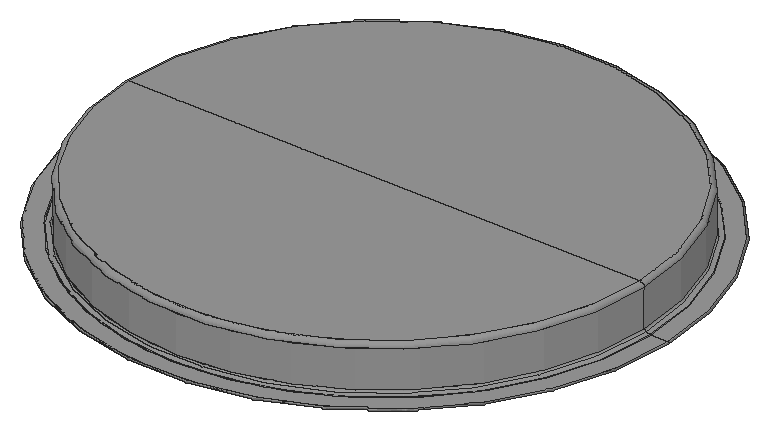
Revit family "MIA13_63_UN_Downlighter_ETK", category Lighting Fixtures, Revit 2017 (continued)
Definition of nested family "MIA.13 - Lightsource"
  Types (8, lengths in mm): name | Wattage | built-in parameter 1150134 | Photometric Web File | built-in parameter 1150142 | built-in parameter 1150105 | Lumens | built-in parameter 1150107 | built-in parameter 1150106
    MIA.1360.25/35 - Ø240 / 18W / 1980lm / 4000K | 13.3296 W | 12 | "MIA.1360.25_LDT.ies" | "IESNA91\r\n[MANUFAC]  www.etk.nl\r\n[LUMCAT] MIA.1360.25\r\n[LUMINAIRE] MIA.1 LED 18W 4000K ø240 1800Lm alu  \r\n[LAMP] LED\r\n[CHANGED] this file converted to 'ies' from 'ldt' by IES Viewer v2.99n    (C) Andrey Legotin\r\nTILT=NONE\r\n1 1890 1.89 101 36 1 2 0 -0.22 0\r\n1 1 18\r\n0 0.9 1.8 2.7 3.6 4.5 5.4 6.3 7.2 8.1 9 9.9 10.8 11.7 12.6 \r\n13.5 14.4 15.3 16.2 17.1 18 18.9 19.8 20.7 21.6 22.5 23.4 \r\n24.3 25.2 26.1 27 27.9 28.8 29.7 30.6 31.5 32.4 33.3 34.2 \r\n35.1 36 36.9 37.8 38.7 39.6 40.5 41.4 42.3 43.2 44.1 45 \r\n45.9 46.8 47.7 48.6 49.5 50.4 51.3 52.2 53.1 54 54.9 55.8 \r\n56.7 57.6 58.5 59.4 60.3 61.2 62.1 63 63.9 64.8 65.7 66.6 \r\n67.5 68.4 69.3 70.2 71.1 72 72.9 73.8 74.7 75.6 76.5 77.4 \r\n78.3 79.2 80.1 81 81.9 82.8 83.7 84.6 85.5 86.4 87.3 88.2 \r\n89.1 90 \r\n0 10 20 30 40 50 60 70 80 90 100 110 120 130 140 150 160 \r\n170 180 190 200 210 220 230 240 250 260 270 280 290 300 310 \r\n320 330 340 350 \r\n345.652 343.7612 343.769 344.0738 344.5113 345.0035 \r\n345.0035 344.3316 343.4409 342.183 340.386 338.5968 336.956 \r\n335.3543 334.073 333.2682 332.7135 331.8306 330.2992 \r\n328.7132 326.7287 324.3535 321.9236 318.9312 315.7669 \r\n313.087 311.0712 309.3835 307.6178 305.6333 303.6565 \r\n300.7813 297.492 294.0386 290.1711 286.1239 282.4674 \r\n279.4203 276.5997 273.7636 270.8884 268.0131 264.4113 \r\n260.5594 256.4575 251.8869 247.0271 242.3939 238.2295 \r\n234.1667 230.268 226.6427 223.0252 218.9312 214.6808 \r\n210.3133 205.7661 201.0938 196.2419 190.7571 185.2723 \r\n180.2953 175.7325 171.2243 166.8802 162.6143 158.0123 \r\n152.7932 147.2146 141.5501 135.5497 129.5414 123.8222 \r\n118.2436 112.8369 107.9069 103.3049 98.4374 92.976 87.2803 \r\n81.5689 75.8184 70.0602 64.841 59.8719 54.8949 49.7461 \r\n44.4566 39.1906 34.0417 28.9085 23.7675 18.6343 13.5011 \r\n9.7117 6.6568 3.6487 0.6407 0 0 0 \r\n345.652 344.4644 343.394 342.808 342.9018 343.269 343.4331 \r\n343.3315 343.0815 342.3236 341.0266 339.7062 337.4951 \r\n335.1746 333.2526 331.7837 330.5414 329.4867 328.7444 \r\n327.9084 326.3458 324.2675 322.0486 319.1343 316.0169 \r\n312.9541 309.9461 307.0552 304.6097 303.0002 301.3907 \r\n298.914 296.1872 293.2338 289.8195 286.1942 283.0143 \r\n280.4516 278.0373 275.6231 273.2088 268.3178 263.1299 \r\n258.4343 254.5199 250.9259 247.0193 242.6205 238.0342 \r\n233.4479 228.9007 224.3535 220.025 215.8919 211.7978 \r\n207.5475 203.1956 198.8046 194.3355 189.8039 185.1473 \r\n179.5453 173.9511 168.6225 163.4893 158.4499 153.5198 \r\n148.6991 143.8862 139.0812 134.2839 129.1898 123.369 \r\n117.4623 111.6259 105.852 100.2266 95.0152 90.2492 85.4051 \r\n79.9437 74.373 68.8413 63.3487 57.8717 52.8244 48.1366 \r\n43.3628 38.2999 32.9479 27.5959 22.4627 17.3217 12.8916 \r\n9.1413 5.7583 3.7034 3.1721 2.6486 2.1252 1.5939 \r\n345.652 345.8395 345.9723 345.9958 345.2692 344.191 \r\n342.9409 341.4173 339.8 338.5264 338.3077 338.0967 337.6201 \r\n337.0341 336.2372 334.8621 333.0963 331.0727 328.4632 \r\n325.7051 323.2206 321.361 319.5093 317.9702 316.5638 \r\n314.9699 312.9073 310.493 307.9381 304.8676 301.7423 \r\n298.328 294.6246 290.8821 288.1084 285.8348 283.4675 \r\n280.9048 278.178 275.2559 271.2009 267.1537 262.7549 \r\n258.0983 253.4651 249.371 245.6754 242.0658 238.6749 235.37 \r\n231.8775 227.4865 223.0877 218.3139 213.3135 208.3288 \r\n203.5784 199.0624 194.5777 190.1867 185.8192 181.2954 \r\n176.4825 171.6384 166.3646 160.8094 155.3246 150.1133 \r\n145.1598 140.175 134.8777 129.557 124.2519 118.9702 \r\n113.6886 108.5554 103.5472 98.3671 92.7651 86.8193 80.9126 \r\n75.6465 70.3805 65.3645 60.5907 55.8403 50.793 45.4332 \r\n40.0891 34.823 29.5961 24.4316 19.525 14.6418 10.5946 \r\n7.2193 4.0706 0.9141 0 0 0 \r\n345.652 344.4488 344.6754 345.0738 344.9957 344.48 343.6909 \r\n342.4408 340.5422 338.7061 337.417 336.3622 335.4793 \r\n335.0496 334.7449 333.8855 332.4713 330.7915 328.6663 \r\n325.9395 323.2049 320.7751 318.3842 316.306 314.6886 \r\n313.2667 311.454 309.1413 306.6802 303.7737 300.3985 \r\n297.0232 293.5151 289.9914 286.7724 283.9362 281.2642 \r\n278.4514 275.42 272.3494 269.0523 265.5911 261.9502 \r\n257.3639 252.5041 248.0428 244.0503 240.2922 236.7138 \r\n233.4948 230.268 226.088 221.6111 216.8998 211.6962 \r\n206.2817 201.2735 196.8435 192.5463 188.2491 183.9519 \r\n179.6468 174.7246 169.6383 164.38 158.8562 153.1995 147.785 \r\n142.8783 137.9952 133.0885 128.135 123.1815 117.9389 \r\n112.6182 107.3521 102.172 97.0154 91.6712 85.8348 80.0063 \r\n74.5293 69.2476 64.0128 58.8874 53.8089 48.8866 44.1831 \r\n39.55 34.7136 29.3617 24.0097 19.1343 14.4621 10.3211 \r\n7.4068 5.266 3.6722 3.219 3.0002 2.7893 \r\n345.652 343.8941 342.7377 342.0111 341.9564 342.1674 \r\n342.3236 342.3939 342.3392 341.7689 340.5344 339.2921 \r\n337.1357 334.823 332.8385 331.2915 329.9789 328.8069 \r\n327.9084 326.963 325.6114 323.9081 322.072 319.1577 \r\n315.9387 312.8526 309.9305 307.1412 304.7269 303.1487 \r\n301.5704 299.0937 296.2731 293.2651 289.8039 286.1317 \r\n282.4674 278.7874 275.1543 271.7712 268.8726 265.9739 \r\n262.5908 259.0593 255.2856 251.0821 246.6286 242.2142 \r\n237.878 233.5573 229.3617 225.3379 221.3142 217.3217 \r\n213.3292 209.2117 204.891 200.4219 195.7028 190.1633 \r\n184.6316 179.3734 174.3027 169.3648 165.1457 161.2782 \r\n157.0045 152.0431 146.7146 141.3079 135.6747 130.0492 \r\n124.4082 118.7749 113.3292 108.485 104.0472 99.3437 94.0542 \r\n88.5772 83.1393 77.7873 72.4353 67.3178 62.333 57.3404 \r\n52.2853 47.1677 42.097 37.1904 32.2994 27.674 23.3378 \r\n19.0327 14.7746 10.5399 6.3052 2.0705 0 0 0 \r\n345.652 345.6051 344.4175 343.0893 342.0423 341.222 \r\n340.5813 340.2766 340.4016 340.4407 339.7922 338.9249 \r\n337.792 336.1356 334.3464 332.2447 329.8695 327.6037 \r\n325.8301 324.6504 323.4784 322.1345 320.7751 318.9468 \r\n316.5169 313.8605 310.7821 307.1959 303.7034 300.6329 \r\n297.9373 295.2965 293.2651 291.3196 288.8351 285.7958 \r\n282.4518 278.7483 274.4824 270.2711 266.4739 262.919 \r\n259.4031 256.0513 252.7385 249.2382 245.527 241.722 237.792 \r\n233.6433 229.4945 224.5097 219.3374 214.3839 209.907 \r\n205.6411 201.3126 196.906 192.4916 188.1006 183.7409 \r\n179.3734 173.9277 168.2788 162.7471 157.3795 152.0978 \r\n147.1677 142.9252 138.6358 133.8933 128.7288 123.5331 \r\n118.0717 112.5322 107.2115 102.172 97.242 92.2181 86.9599 \r\n81.7017 76.3966 71.0759 65.7864 60.5829 55.434 50.5586 \r\n46.1052 41.7689 37.2607 32.3697 27.4787 22.7518 18.0717 \r\n13.837 10.4618 7.61 5.3598 4.3597 3.555 2.7502 \r\n345.652 344.0894 344.4097 344.9098 344.7613 344.3003 \r\n343.5268 342.2455 340.6672 339.0968 337.5654 336.0263 \r\n335.2606 334.9168 334.5418 333.6667 332.4635 331.0102 \r\n329.0257 326.8302 324.5019 321.7751 319.0562 316.8216 \r\n314.8215 312.8916 311.0009 309.1492 307.0865 304.305 \r\n301.4142 298.3671 295.1168 291.8353 288.3897 284.8504 \r\n281.4829 278.4593 275.7169 272.9432 269.9117 266.8802 \r\n263.2471 259.1218 254.8402 250.3242 245.6208 241.1829 \r\n237.3935 233.987 230.518 226.713 222.908 218.7124 214.2433 \r\n209.5867 204.5082 199.0312 193.7183 188.9757 184.4285 \r\n179.9281 175.5293 171.1306 166.3333 161.2548 156.1919 \r\n151.3087 146.613 141.8001 136.0341 130.1274 124.5332 \r\n119.3453 114.2746 109.1804 104.0628 99.0155 94.1402 89.4289 \r\n84.7019 79.3499 73.998 68.7163 63.5128 58.3874 53.6683 \r\n49.4179 45.1051 40.5657 35.8778 31.1977 26.4943 21.7908 \r\n17.6264 13.9386 10.4149 6.8834 3.3596 0 0 \r\n345.652 344.6519 344.7613 345.0113 344.5504 343.6987 \r\n342.6127 341.0891 339.2453 337.5576 336.8466 336.1434 \r\n335.5731 335.1121 334.6043 333.487 331.9087 330.0805 \r\n327.674 324.9473 322.283 319.9625 317.642 315.7747 314.212 \r\n312.626 310.7118 308.485 306.0708 302.9924 299.7109 \r\n296.3669 292.8823 289.3898 286.2255 283.2721 280.3813 \r\n277.5217 274.6933 271.8181 268.5288 265.1926 261.3642 \r\n256.9419 252.3635 247.8866 243.4878 239.3234 235.7606 \r\n232.6901 229.5648 225.2051 220.8454 216.1184 211.0634 \r\n205.8911 200.9063 196.1638 191.4837 186.8818 182.3971 \r\n177.9123 173.1698 168.3882 163.6222 158.903 154.1917 \r\n149.1523 143.4643 137.7998 132.3619 127.1349 121.9314 \r\n116.9857 112.1025 107.2896 102.5783 97.8592 92.851 87.1865 \r\n81.522 76.0841 70.7321 65.7864 62.2158 59.2703 56.3247 \r\n52.5432 46.8943 40.6672 34.5261 29.8539 25.1895 21.0016 \r\n17.2435 13.6573 10.3211 7.2584 4.1956 1.1329 0 \r\n345.652 343.0268 342.2142 341.7845 341.9798 342.4799 \r\n342.683 342.4564 341.9877 341.2063 339.6672 338.128 \r\n336.0653 333.8151 331.8462 330.5883 329.7836 328.9241 \r\n327.9319 326.8693 325.4082 323.2049 321.0095 318.1264 \r\n315.0012 312.04 309.4304 307.0474 304.7504 302.7502 \r\n300.7579 298.3514 295.609 292.8041 289.6789 286.3974 \r\n282.8737 278.9124 274.7402 270.7712 267.6459 264.5207 \r\n261.2392 257.8717 254.4418 250.8243 247.0818 243.0737 \r\n238.4796 233.6823 229.0023 224.7676 220.5329 216.7122 \r\n213.1026 209.3054 204.9301 200.0781 195.1559 190.007 \r\n184.8191 179.7953 175.0059 170.2399 165.4582 160.661 \r\n155.8403 150.9493 146.0036 140.9798 135.2606 129.5414 \r\n124.2128 119.2359 114.3292 109.2507 104.0316 98.8437 \r\n93.7261 88.6397 83.444 77.4748 71.4978 65.5207 60.7938 \r\n56.7701 52.8244 48.8632 44.8863 40.886 36.8232 32.5572 \r\n28.2913 24.1191 19.9937 16.0091 12.376 9.0398 5.6958 2.3517 \r\n0 \r\n345.652 347.9803 348.6757 349.1679 349.1523 348.6835 \r\n347.9412 346.7224 344.8629 343.0971 342.058 341.261 \r\n340.5891 340.1985 339.8937 339.0968 337.8311 336.3466 \r\n334.4636 332.0806 329.6976 327.0802 324.4472 322.2596 \r\n320.7047 319.4 317.7045 315.4934 313.1963 310.6415 307.8287 \r\n304.9535 301.1407 297.2185 293.7573 290.8274 288.1475 \r\n285.5457 283.069 280.4985 277.1779 273.4042 269.4976 \r\n264.9895 260.3172 256.0747 252.3088 248.7304 245.1598 \r\n241.6361 238.1124 233.8776 229.4789 224.8848 219.9156 \r\n214.7824 209.8289 205.141 200.5313 196.0466 191.7494 \r\n187.4443 182.694 177.8498 173.0213 168.2085 163.4112 \r\n158.3014 152.5588 146.8474 141.4876 136.4872 131.5103 \r\n126.9396 122.4861 117.6811 112.415 106.899 101.336 95.6403 \r\n89.9523 84.6394 79.4906 74.4902 69.9664 65.6614 61.1532 \r\n56.3169 51.379 46.4724 41.6439 36.8154 32.7291 28.8773 \r\n25.0332 21.0954 17.1029 13.1182 9.1257 5.1332 1.1407 \r\n345.652 347.1756 346.3396 345.6598 345.5192 345.5817 \r\n345.6911 345.863 345.9411 345.6208 344.5582 343.4956 \r\n342.0111 340.2297 338.378 336.5185 334.6668 332.9323 \r\n331.565 330.5727 329.5882 328.01 326.4005 324.2988 321.6267 \r\n318.7358 315.6418 312.2978 309.1492 306.7271 304.9066 \r\n303.0237 300.6876 298.2889 295.4293 292.0931 288.5069 \r\n284.6238 280.2953 276.0528 272.4979 269.2788 266.0833 \r\n262.9346 259.8094 256.3013 252.3947 248.3553 244.2535 \r\n240.0422 235.8387 230.9555 225.9552 221.2204 216.9466 \r\n212.8604 208.8679 204.9848 201.0079 196.5544 191.5384 \r\n186.5146 180.9594 175.3262 169.8492 164.591 159.4578 \r\n154.6449 150.4414 146.1599 141.3392 136.0497 130.7133 \r\n125.0879 119.3843 113.9386 108.8366 103.8831 98.9062 93.898 \r\n88.8819 83.7253 78.5139 73.4354 68.7866 64.3332 59.6453 \r\n54.6136 49.5195 44.6207 40.1047 35.5887 31.1665 26.7755 \r\n22.5955 18.8296 15.3059 11.8369 8.4772 5.141 1.797 \r\n345.652 346.3005 347.2224 348.1053 348.285 348.1288 347.66 \r\n346.6521 345.3473 343.9409 342.1752 340.4094 339.5031 \r\n339.0343 338.6046 337.9639 337.1904 336.0809 334.2292 \r\n332.1197 329.7914 326.8849 323.9784 321.5876 319.439 \r\n317.4857 315.8762 314.5246 312.9073 310.3524 307.6568 \r\n304.516 300.836 297.0935 293.6323 290.3117 287.1709 \r\n284.3503 281.772 279.0843 275.7481 272.4041 268.8882 \r\n265.2395 261.4814 257.1451 252.3791 247.8162 243.73 \r\n239.8859 236.0341 232.0728 228.1116 224.1347 220.1422 \r\n215.97 211.2118 205.9067 200.6407 195.5387 190.4993 \r\n185.8192 181.8658 177.9983 173.4432 168.4507 163.3018 \r\n157.9577 152.4338 146.9646 141.933 136.956 131.9009 \r\n126.7521 121.5876 116.4622 111.3681 106.2114 100.8751 \r\n95.4059 89.9602 85.1004 80.2485 75.2715 70.2008 65.1223 \r\n60.1844 55.395 50.6836 46.2536 41.9798 37.6201 32.9323 \r\n28.1975 23.6581 19.2828 14.9465 10.618 6.2896 1.9533 0 \r\n345.652 345.4332 345.3004 345.1754 345.3785 345.8083 \r\n346.1599 346.0974 345.5817 344.941 343.3784 341.6126 \r\n339.7609 337.7608 335.7294 334.4714 333.9011 333.2839 \r\n332.3072 330.9868 329.6586 327.3381 325.002 322.408 \r\n319.5406 316.5872 313.962 311.7275 309.5164 307.4146 \r\n305.4067 303.3206 300.6954 297.9998 294.7183 290.8821 \r\n286.8583 282.9752 279.2953 275.67 272.5135 269.5757 \r\n266.5833 263.4346 260.2469 256.4966 252.1681 247.6365 \r\n242.9174 237.9405 232.9557 229.2914 225.8301 222.1892 \r\n218.1967 214.0714 209.5867 204.641 199.6718 194.7808 \r\n189.9836 185.1863 180.1703 175.1152 170.1617 165.3332 \r\n160.5594 155.6372 150.4493 145.277 140.2297 135.284 \r\n130.2524 124.7051 119.0093 113.5479 108.3522 103.3206 \r\n98.4686 93.9917 89.507 84.2253 78.6546 73.1151 67.724 \r\n62.4033 57.4264 52.9416 48.5507 44.0347 39.2687 34.5027 \r\n29.6429 24.7597 20.0797 15.7747 11.6728 8.2272 6.1099 \r\n4.1097 2.1017 \r\n345.652 347.8631 348.0272 347.9334 347.1365 345.9333 \r\n344.6754 343.4956 342.5424 341.9252 341.3079 341.011 \r\n340.8157 340.3703 339.2921 337.9327 336.2685 334.1667 \r\n331.9478 329.6117 327.0959 324.58 323.0643 321.7908 \r\n320.4157 318.814 317.0795 314.9387 311.9775 308.946 \r\n305.6645 302.0939 298.5311 295.6793 293.0541 290.4446 \r\n287.8428 285.2567 282.4596 278.9359 275.2559 271.4821 \r\n267.5678 263.6378 259.489 255.2231 251.0977 247.3084 \r\n243.8159 240.3078 236.706 233.0963 228.9945 224.4238 \r\n219.7203 214.673 209.3445 204.2738 199.8047 195.734 \r\n191.6243 187.2021 182.7721 177.967 172.8729 167.6459 \r\n162.1767 156.481 150.9337 145.9567 141.222 136.4325 \r\n131.4868 126.5255 121.3298 115.9544 110.6258 105.5082 \r\n100.6407 95.695 90.0852 84.366 78.8265 73.5448 68.3413 \r\n63.2159 58.1686 53.2073 48.4647 43.9331 39.4093 34.3933 \r\n29.3851 24.5332 19.8531 15.2903 11.3915 8.2663 5.141 2.0158 \r\n0 \r\n345.652 345.863 346.4568 347.0974 347.199 346.8005 346.1286 \r\n345.0895 343.5425 342.0111 340.5813 339.1827 338.0655 \r\n337.5811 337.2763 336.5263 335.3387 333.9558 332.276 \r\n330.2055 328.135 325.3145 322.4158 319.8531 317.8608 \r\n316.095 314.3917 312.751 310.9852 308.6569 305.7192 \r\n302.7737 299.0624 295.2574 291.7025 288.46 285.3817 \r\n282.4596 279.8344 277.1467 274.0058 270.5368 266.9662 \r\n262.8018 258.4733 254.1761 249.918 245.7145 241.6283 \r\n237.792 233.9558 230.0492 226.127 222.1502 218.0561 \r\n213.9151 209.321 204.0941 198.7421 193.5307 188.5616 \r\n183.5925 179.4281 175.4668 171.2087 166.388 161.2548 \r\n155.9966 150.4961 144.9723 139.3625 133.6667 127.9709 \r\n123.1424 118.5483 113.7511 108.6335 103.3362 97.953 92.3197 \r\n86.6865 81.4282 76.3732 71.3103 66.1145 60.8563 55.6762 \r\n50.6055 45.6208 40.7766 36.2919 31.815 26.9787 22.0017 \r\n17.1732 12.8369 8.8132 5.6489 4.3128 3.4143 2.5158 \r\n345.652 344.7066 345.2926 345.9489 346.2614 346.4177 \r\n346.1911 345.4098 344.3785 343.0034 340.9251 338.8546 \r\n337.7764 336.9873 336.3075 335.7215 335.1981 334.323 \r\n332.7057 330.9477 328.6976 325.7598 322.8221 320.4313 \r\n318.2124 316.1888 314.4855 312.9698 311.204 308.696 \r\n306.1958 303.0627 299.539 295.9762 292.4525 288.9601 \r\n285.7176 282.8893 280.2563 277.5061 274.4121 271.3181 \r\n267.8412 264.1769 260.3016 255.895 251.129 246.5974 \r\n242.5736 238.7061 234.9793 231.5962 228.2053 224.0878 \r\n219.6578 214.9934 209.9695 204.6722 199.414 194.2964 \r\n189.1867 184.6863 180.8188 177.0295 172.4119 167.3725 \r\n162.1767 156.6841 150.9962 145.4098 140.4328 135.4481 \r\n130.3461 125.1582 119.9312 114.6027 109.1882 103.8753 \r\n98.7968 93.8198 88.6944 82.9362 77.1701 71.6228 66.2083 \r\n60.9657 56.1528 51.7306 47.1521 42.0267 36.7607 31.565 \r\n26.4943 21.4392 16.6966 12.1494 7.6334 3.1174 0 0 0 \r\n345.652 347.6443 347.3162 346.699 345.8786 344.6363 \r\n343.1284 341.9252 341.347 340.8938 340.5266 340.3078 \r\n340.0969 339.2453 338.1905 336.9169 335.3153 333.5026 \r\n331.6822 329.8539 327.9006 325.5879 323.2753 321.4314 \r\n319.814 318.0483 315.845 313.2667 310.5868 307.5006 304.18 \r\n300.8673 297.7342 294.6324 291.8197 289.421 287.2412 \r\n284.6472 281.2017 277.6701 273.6464 269.0991 264.5988 \r\n260.7782 257.1607 253.6683 250.3555 247.1052 243.5815 \r\n239.4015 235.2293 230.9555 226.6349 222.197 217.306 \r\n212.1963 207.3521 202.8987 198.578 194.1792 189.5695 \r\n184.9598 180.35 175.7481 170.8884 165.4661 15
